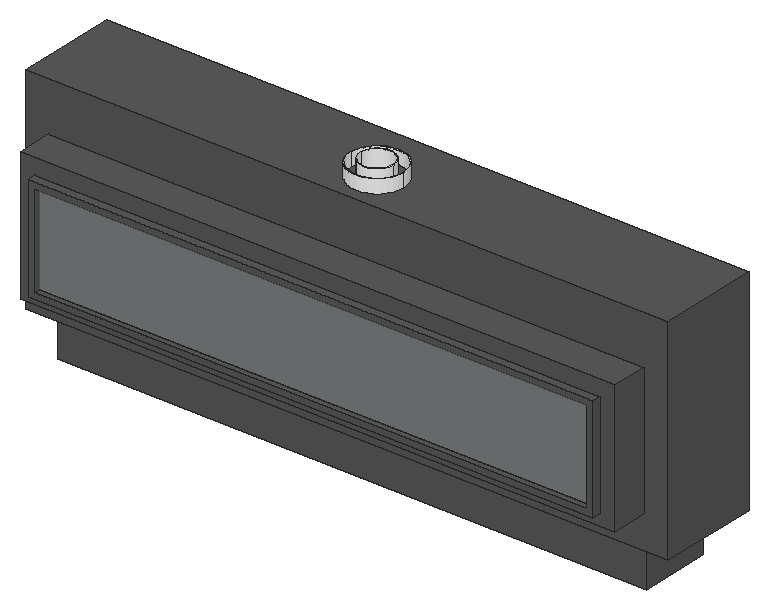
Revit family "R720", category Generic Models, Revit 2019
Family settings
  Can host rebar = No
  Round Connector Dimension = Use Diameter
  Part Type = Normal
  Work Plane-Based = No
  Always vertical = Yes
  Cut with Voids When Loaded = No
  Shared = No
  Room Calculation Point = No
Parameters
  Width = 12 5/16"
  URL = "https://www.montigo.com/"
  Model = ""
  Manufacturer Fax = ""
  Manufacturer Website = "https://www.montigo.com/"
  Manufacturer Phone - Toll Free = "800-378-3115"
  Manufacturer Phone = ""
  Manufacturer Address = "27342 Gloucester Way  Langley, BC, Canada   V4W 4A1"
  Manufacturer = "Montigo"
  Length = 53 7/16"
  Keynote = ""
  Glazing Tint = Glass - Montigo - Tint as Specified
  Frame Material = Metal - Montigo - Black
  Firebox Material = Metal - Montigo - White
  Fire Place Length = 50 5/16"
  Fire Place Height = 24 1/2"
  Fire Place - Opening = 16 9/16"
  Description = "Montigo Fireplace as Specified"
  Base Height = 6 9/16"
Reference planes (in)
  plane 1 "Center (Front/Back)": y = 0
  plane 2: z = 0
  plane 3 "Center (Left/Right)": x = 0
  plane 4: x = -48.341
  plane 5: x = 48.341
Forms (in)
  Extrusion 1, solid, material "Metal - Montigo - Black" <- "Frame Material"
    sketch origin (0, 0, 0) x (1, 0, 0) y (0, 1, 0)
      loop
        line (-48.341, 7.6685) -> (-48.341, -7.5755) -> (48.341, -7.5755) -> (48.341, 7.6685) -> (-48.341, 7.6685)
    from 38.0595 to 5.875
  Extrusion 2, solid, material "Metal - Montigo - Black" <- "Frame Material"
    sketch origin (0, 0, 0) x (1, 0, 0) y (0, 1, 0)
      loop
        line (-44.3557, 4.1695) -> (-44.3557, -6.40942) -> (44.3247, -6.40942) -> (44.3247, 4.1695) -> (-44.3557, 4.1695)
    from 5.875 to 0
  Extrusion 3, solid, material "Metal - Montigo - Black" <- "Frame Material"
    sketch origin (0, 0, 0) x (1, 0, 0) y (0, 1, 0)
      loop
        line (-44.776, -7.5755) -> (-44.776, -13.0105) -> (44.776, -13.0105) -> (44.776, -7.5755) -> (-44.776, -7.5755)
    from 30.622 to 10.843
  Extrusion 4, solid, material "Metal - Montigo - Black" <- "Frame Material"
    sketch origin (0, -5.435, 0) x (1, 0, 0) y (0, 1, 0)
      loop
        line (-42.518, -7.5755) -> (-42.518, -8.857) -> (42.519, -8.857) -> (42.519, -7.5755) -> (-42.518, -7.5755)
    from 28.27255 to 12.429
  Extrusion 5, void
    sketch origin (42.25, -6.4375, 0) x (-1, 0, 0) y (0, 0, -1)
      loop
        line (83.883, -13.344) -> (0.617, -13.344) -> (0.617, -27.358) -> (83.883, -27.358) -> (83.883, -13.344)
    from 7 to 12
Cuts and joins
  Extrusion 5 cuts Extrusion 1
  Extrusion 5 cuts Extrusion 3
  Extrusion 5 cuts Extrusion 4
Dimensions and locks (in)
  Extrusion 1 to Extrusion 1 to level = 32.1845", 5 7/8"
  Extrusion 1 to level = 38.0595"
  Extrusion 1 to Extrusion 1 = 96.682"
  equal spacing: plane 4, plane 3 "Center (Left/Right)", plane 5
  plane 4 to plane 5 = 96.682"
  locked: plane 4 to cut or joined group of Extrusion 3, Extrusion 5 at 3.565
  locked: cut or joined group of Extrusion 3, Extrusion 5 to plane 5 at 3.565
  cut or joined group of Extrusion 4, Extrusion 5 to cut or joined group of Extrusion 3, Extrusion 5 = 2.257"
  locked: cut or joined group of Extrusion 3, Extrusion 5 to cut or joined group of Extrusion 4, Extrusion 5 at 2.258
  locked: cut or joined group of Extrusion 4, Extrusion 5 to cut or joined group of Extrusion 4, Extrusion 5 at 0.885
  locked: cut or joined group of Extrusion 4, Extrusion 5 to cut or joined group of Extrusion 4, Extrusion 5 at 0.886
  locked: plane 4 to Extrusion 2 at 3.9853
  locked: Extrusion 2 to plane 5 at 4.0163
  cut or joined group of Extrusion 1, Extrusion 5 to nested 1 = 9 1/2"
  nested 4 to level = 31 15/16"
  aligned and locked: level to plane 2
  aligned and locked: plane 3 "Center (Left/Right)" to nested 1
  aligned and locked: plane 3 "Center (Left/Right)" to nested 2
  aligned and locked: plane 3 "Center (Left/Right)" to nested 4
  aligned and locked: plane 3 "Center (Left/Right)" to nested 3
Automatic sketch dimensions
  Extrusion 1 sketch curve to plane 4 = 0"
  plane 5 to Extrusion 1 sketch curve = 0"
  plane 1 "Center (Front/Back)" to Extrusion 1 sketch curve = 7.5755"
  Extrusion 1 sketch curve to plane 1 "Center (Front/Back)" = 7.6685"
  plane 4 to Extrusion 2 sketch curve = 3.9853"
  plane 5 to Extrusion 2 sketch curve = 4.0163"
  plane 1 "Center (Front/Back)" to Extrusion 2 sketch curve = 6.40942"
  Extrusion 2 sketch curve to plane 1 "Center (Front/Back)" = 4.1695"
  plane 4 to Extrusion 3 sketch curve = 3.565"
  plane 5 to Extrusion 3 sketch curve = 3.565"
  plane 1 "Center (Front/Back)" to Extrusion 3 sketch curve = 13.0105"
  Extrusion 3 sketch curve to Extrusion 3 sketch curve = 5.435"
  plane 4 to Extrusion 4 sketch curve = 5.823"
  plane 5 to Extrusion 4 sketch curve = 5.822"
  plane 1 "Center (Front/Back)" to Extrusion 4 sketch curve = 14.292"
  Extrusion 4 sketch curve to Extrusion 4 sketch curve = 1.2815"
  plane 5 to Extrusion 5 sketch curve = 6.708"
  plane 4 to Extrusion 5 sketch curve = 6.708"
  level to Extrusion 5 sketch curve = 27.358"
  level to Extrusion 5 sketch curve = 13.344"
Nested families (in)
  nested 1: "Duct Dia" at (0, -1.8315, 38.0595), type "5""
    with Intake Duct Dia 5", Intake Diameter 4 7/8", Height 2 1/2"
  nested 2: "Duct Dia" at (0, -1.8315, 38.0595), type "8""
    with Intake Duct Dia 8", Intake Diameter 7 7/8", Height 2"
  nested 3: "Duct Dia" at (0, 7.6685, 31.9375) x (1, 0, 0) z (0, 1, 0), type "5""
    with Intake Duct Dia 5", Intake Diameter 4 7/8", Height 2 1/2"
  nested 4: "Duct Dia" at (0, 7.6685, 31.9375) x (1, 0, 0) z (0, 1, 0), type "8""
    with Intake Duct Dia 8", Intake Diameter 7 7/8", Height 2"
Connectors (in)
  hvac at (0, -1.8315, 40.5595)
    settings: on nested 1, index 1, duct flow 0.0 L/s, flow factor 0, pres drop 0.0 Pa, loss coef 0, conn angle 0.00°, conn width 304.8 mm, conn height 304.8 mm, conn diameter 127 mm, duct sys type 1, conn prof type 0, flow config 0, flow direction 0, loss method 0, conn ref index -1, conn util no, is conn primary yes, conn desc ""
  hvac at (0, -1.8315, 40.0595)
    settings: on nested 2, index 2, duct flow 0.0 L/s, flow factor 0, pres drop 0.0 Pa, loss coef 0, conn angle 0.00°, conn width 304.8 mm, conn height 304.8 mm, conn diameter 203.2 mm, duct sys type 1, conn prof type 0, flow config 0, flow direction 0, loss method 0, conn ref index -1, conn util no, is conn primary no, conn desc ""
  hvac at (0, 10.1685, 31.9375)
    settings: on nested 3, index 3, duct flow 0.0 L/s, flow factor 0, pres drop 0.0 Pa, loss coef 0, conn angle 0.00°, conn width 304.8 mm, conn height 304.8 mm, conn diameter 127 mm, duct sys type 1, conn prof type 0, flow config 0, flow direction 0, loss method 0, conn ref index -1, conn util no, is conn primary no, conn desc ""
  hvac at (0, 9.6685, 31.9375)
    settings: on nested 4, index 4, duct flow 0.0 L/s, flow factor 0, pres drop 0.0 Pa, loss coef 0, conn angle 0.00°, conn width 304.8 mm, conn height 304.8 mm, conn diameter 203.2 mm, duct sys type 1, conn prof type 0, flow config 0, flow direction 0, loss method 0, conn ref index -1, conn util no, is conn primary no, conn desc ""
Definition of nested family "Duct Dia"
  Parameters (values of type "15 7/8" Dia.")
    Intake Duct Dia = 15 7/8"
    Intake Diameter = Intake Duct Dia - 1/8"  # 15 3/4"
    Height = 4"
    Firebox Material = none
    Default Elevation = 48"
  Types (12): name | Intake Duct Dia | Intake Diameter | Height
    9 7/8" Dia. | 9 7/8" | 9 3/4" | 4"
    7 7/8" Dia | 7 7/8" | 7 3/4" | 4"
    8 1/8" Dia | 8 1/8" | 8" | 1/4"
    11 3/4" Dia | 11 3/4" | 11 5/8" | 4"
    4" Dia | 10" | 9 7/8" | 4"
    7 3/4" Dia | 7 3/4" | 7 5/8" | 4"
    6 7/8" Dia | 6 7/8" | 6 3/4" | 1/4"
    9 3/4" Dia. | 9 3/4" | 9 5/8" | 4"
    7 1/8" Dia | 7 1/8" | 7" | 1/4"
    11 7/8" Dia. | 11 7/8" | 11 3/4" | 4"
    13 7/8" Dia. | 13 7/8" | 13 3/4" | 4"
    15 7/8" Dia. | 15 7/8" | 15 3/4" | 4"
  Reference planes (in)
    plane 1 "Center (Front/Back)": y = 0
    plane 2: z = 0
    plane 3 "Center (Left/Right)": x = 0
    plane 4: z = 4
  Forms (in)
    Extrusion 1, solid
      sketch origin (0, 0, 0) x (1, 0, 0) y (0, 1, 0)
        loop
          line (-48, 48) -> (-48, -48) -> (48, -48) -> (48, 48) -> (-48, 48)
      from 0 to -12
    Extrusion 2, solid, material <- "Firebox Material"
      sketch origin (0, 0, 0) x (1, 0, 0) y (0, 1, 0)
        loop
          circle (0, 0) r 7.9375
        loop
          circle (0, 0) r 7.875
      from 0 to 4
  Dimensions and locks (in)
    "Height": plane 4 to level
    "Intake Duct Dia": diameter of Extrusion 2 sketch curve
    "Intake Diameter": diameter of Extrusion 2 sketch curve
    aligned and locked: plane 2 to Extrusion 1
    aligned and locked: level to Extrusion 1
    aligned and locked: plane 4 to Extrusion 2
  Automatic sketch dimensions
    Extrusion 1 sketch curve to Extrusion 1 sketch curve = 96"  (x2)
    Extrusion 2 sketch curve to Extrusion 2 sketch curve = 0"  (x2)
    plane 1 "Center (Front/Back)" to Extrusion 2 sketch curve = 0"
    Extrusion 2 sketch curve to plane 3 "Center (Left/Right)" = 0"
